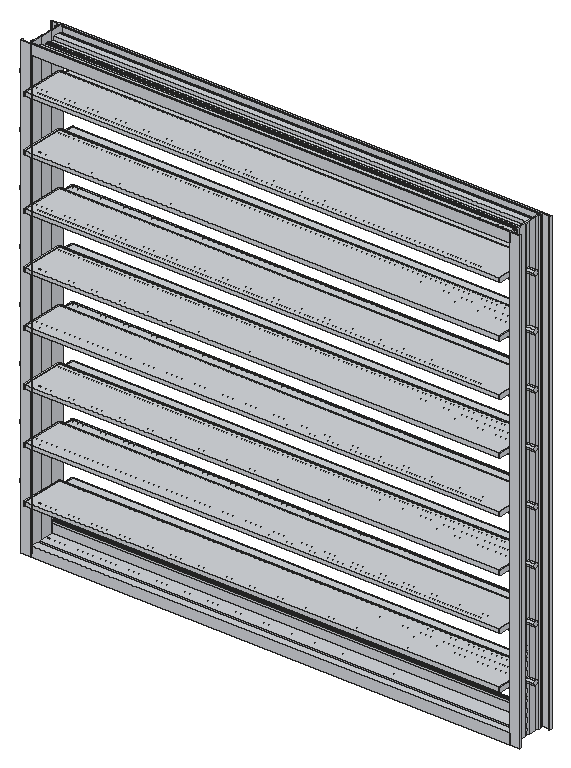
Revit family "SW-155,156", category Mechanical Equipment, Revit 2015
Parameters
  URL = "http://unitedenertech.com/catalog/pdf/A_12f%20SW-155,%20SW-156.pdf"
  Type Comments = "Max. Single Section Size is (60\"w x 72\"h)"
  Model = "SW-155, SW-156"
  Manufacturer = "United Enertech Corporation"
  Keynote = "This model is only a representation of the product, blade position and linkage arrangement will vary from built dampers"
  Exact Width = 4' - 0"
  Exact Height = 3' - 8"
  Description = "Salt Water Resistant Damper"
  Blade Spacing = 0' - 5 1/4"
  Blade Number [instance] = rounddown((Exact Height - 0' 1 1/2") / Blade Spacing)  # 8
  BW [instance] = Exact Width - 0' 0 3/8"  # 3' - 11 5/8"
Reference planes (in)
  plane 1 "Center (Front/Back)": y = 0
  plane 2: z = 0
  plane 3 "Center (Left/Right)": x = 0
  plane 4: x = -24
  plane 5: x = 24
  plane 6: z = 44
  plane 7: x = -25
  plane 8: x = 25
  plane 9: z = -1
  plane 10: z = 45
  plane 11: z = 41.2429
  plane 12: x = -25.29363
  plane 13: z = 3.04512
Forms (in)
  Extrusion 1, solid
    sketch origin (-28.18526, 34.26153, -12.44523) x (0, 1, 0) y (0, 0, 1)
      loop
        line (-34.26153, 11.44523) -> (-34.06153, 11.44523) -> (-34.06153, 11.52523) -> (-34.13653, 11.52523) -> (-34.13653, 12.32023) -> (-33.9228, 12.32023) -> (-33.9228, 11.94523) -> (-33.8418, 11.94523) -> (-33.8418, 12.36223) -> (-33.69726, 12.36223) -> (-33.69726, 11.94523) -> (-33.04153, 11.94523) -> (-33.04153, 12.28023) -> (-32.3983, 12.28023) -> (-32.40744, 12.16843) -> (-32.38158, 12.10666) -> (-32.31062, 12.14763)
        arc (-32.31062, 12.14763) -> (-32.25846, 12.26016) -> (-32.21681, 12.14333) r 0.067
        line (-32.21681, 12.14333) -> (-32.14148, 12.10666) -> (-32.11353, 12.19323) -> (-32.12949, 12.28023) -> (-31.48153, 12.28023) -> (-31.48153, 11.94523) -> (-30.8258, 11.94523) -> (-30.8258, 12.36223) -> (-30.68126, 12.36223) -> (-30.68126, 11.94523) -> (-30.60026, 11.94523) -> (-30.60026, 12.3202) -> (-30.38653, 12.3202) -> (-30.38653, 11.52523) -> (-30.46153, 11.52523) -> (-30.46153, 11.44523) -> (-30.26153, 11.44523) -> (-30.26153, 12.44523) -> (-31.04653, 12.44523) -> (-31.04653, 12.25423) -> (-30.97653, 12.25423) -> (-30.97653, 12.32423) -> (-30.90653, 12.32423) -> (-30.90653, 12.02023) -> (-30.97653, 12.02023) -> (-30.97653, 12.09023) -> (-31.04653, 12.09023) -> (-31.04653, 12.02523) -> (-31.26153, 12.02523) -> (-31.26153, 12.09023) -> (-31.33153, 12.09023) -> (-31.33153, 12.02023) -> (-31.40153, 12.02023) -> (-31.40153, 12.32423) -> (-31.33153, 12.32423) -> (-31.33153, 12.25423) -> (-31.26153, 12.25423) -> (-31.26153, 12.40523) -> (-31.46353, 12.40523) -> (-31.46353, 13.65523) -> (-31.62653, 13.65523) -> (-31.62653, 13.55023) -> (-31.57653, 13.55023) -> (-31.57653, 13.60523) -> (-31.52653, 13.60523) -> (-31.52653, 13.39523) -> (-31.57653, 13.39523) -> (-31.57653, 13.45023) -> (-31.62653, 13.45023) -> (-31.62653, 13.34523) -> (-31.55753, 13.34523) -> (-31.55753, 12.40523) -> (-33.26153, 12.40523) -> (-33.26153, 12.25423) -> (-33.19153, 12.25423) -> (-33.19153, 12.32423) -> (-33.12153, 12.32423) -> (-33.12153, 12.02023) -> (-33.19153, 12.02023) -> (-33.19153, 12.09023) -> (-33.26153, 12.09023) -> (-33.26153, 12.02523) -> (-33.47653, 12.02523) -> (-33.47653, 12.09023) -> (-33.54653, 12.09023) -> (-33.54653, 12.02023) -> (-33.61653, 12.02023) -> (-33.61653, 12.32423) -> (-33.54653, 12.32423) -> (-33.54653, 12.25423) -> (-33.47653, 12.25423) -> (-33.47653, 12.44523) -> (-34.26153, 12.44523) -> (-34.26153, 11.44523)
    from 4.18526 to 52.18526
  Extrusion 2, solid
    sketch origin (-43.90835, 39.90835, 36.13069) x (0, 1, 0) y (0, 0, 1)
      loop
        line (-39.70835, 8.86931) -> (-39.90835, 8.86931) -> (-39.90835, 7.86931) -> (-39.12335, 7.86931) -> (-39.12335, 8.06031) -> (-39.19335, 8.06031) -> (-39.19335, 7.99031) -> (-39.26335, 7.99031) -> (-39.26335, 8.29431) -> (-39.19335, 8.29431) -> (-39.19335, 8.22431) -> (-39.12335, 8.22431) -> (-39.12335, 8.28931) -> (-38.90835, 8.28931) -> (-38.90835, 8.22431) -> (-38.83835, 8.22431) -> (-38.83835, 8.29431) -> (-38.76835, 8.29431) -> (-38.76835, 7.99031) -> (-38.83835, 7.99031) -> (-38.83835, 8.06031) -> (-38.90835, 8.06031) -> (-38.90835, 7.90931) -> (-38.21635, 7.90931) -> (-38.21635, 6.65931) -> (-38.05335, 6.65931) -> (-38.05335, 6.76431) -> (-38.10335, 6.76431) -> (-38.10335, 6.70931) -> (-38.15335, 6.70931) -> (-38.15335, 6.91931) -> (-38.10335, 6.91931) -> (-38.10335, 6.86431) -> (-38.05335, 6.86431) -> (-38.05335, 6.96931) -> (-38.12235, 6.96931) -> (-38.12235, 7.90931) -> (-36.90835, 7.90931) -> (-36.90835, 8.06031) -> (-36.97835, 8.06031) -> (-36.97835, 7.99031) -> (-37.04835, 7.99031) -> (-37.04835, 8.29431) -> (-36.97835, 8.29431) -> (-36.97835, 8.22431) -> (-36.90835, 8.22431) -> (-36.90835, 8.28931) -> (-36.69335, 8.28931) -> (-36.69335, 8.22431) -> (-36.62335, 8.22431) -> (-36.62335, 8.29431) -> (-36.55335, 8.29431) -> (-36.55335, 7.99031) -> (-36.62335, 7.99031) -> (-36.62335, 8.06031) -> (-36.69335, 8.06031) -> (-36.69335, 7.86931) -> (-35.90835, 7.86931) -> (-35.90835, 8.86931) -> (-36.10835, 8.86931) -> (-36.10835, 8.78931) -> (-36.03335, 8.78931) -> (-36.03335, 7.99431) -> (-36.24708, 7.99431) -> (-36.24708, 8.36931) -> (-36.32808, 8.36931) -> (-36.32808, 7.95231) -> (-36.47262, 7.95231) -> (-36.47262, 8.36931) -> (-37.12835, 8.36931) -> (-37.12835, 8.03431) -> (-37.77158, 8.03431) -> (-37.76244, 8.1461) -> (-37.7883, 8.20787) -> (-37.85926, 8.1669)
        arc (-37.85926, 8.1669) -> (-37.91142, 8.05438) -> (-37.95307, 8.1712) r 0.067
        line (-37.95307, 8.1712) -> (-38.0284, 8.20787) -> (-38.05635, 8.12131) -> (-38.04039, 8.03431) -> (-38.68835, 8.03431) -> (-38.68835, 8.36931) -> (-39.34408, 8.36931) -> (-39.34408, 7.95231) -> (-39.48862, 7.95231) -> (-39.48862, 8.36931) -> (-39.56962, 8.36931) -> (-39.56962, 7.99433) -> (-39.78335, 7.99433) -> (-39.78335, 8.78931) -> (-39.70835, 8.78931) -> (-39.70835, 8.86931)
    from 19.90835 to 67.90835
  Extrusion 3, solid
    sketch origin (9.06925, -1.4123, 0) x (1, 0, 0) y (0, 1, 0)
      loop
        line (-34.36287, 2.39683) -> (-34.36287, 2.56006)
        arc (-34.36287, 2.56006) -> (-34.58255, 2.47844) -> (-34.36287, 2.39683) r 0.125
    from 3.04512 to 44
  Extrusion 4, solid
    sketch origin (23.09843, -4.96649, 0) x (1, 0, 0) y (0, 1, 0)
      loop
        line (-48.09843, 5.16649) -> (-48.09843, 4.96649) -> (-47.09843, 4.96649) -> (-47.09843, 6.31302) -> (-47.17943, 6.216) -> (-47.17943, 6.48561) -> (-47.09843, 6.38897) -> (-47.09843, 7.54391) -> (-47.17943, 7.44706) -> (-47.17943, 7.71649) -> (-47.09843, 7.61959) -> (-47.09843, 8.96649) -> (-48.09843, 8.96649) -> (-48.09843, 8.76649) -> (-48.01843, 8.76649) -> (-48.01843, 8.84149) -> (-47.22343, 8.84149) -> (-47.22343, 8.61767) -> (-47.30413, 8.60542) -> (-47.36475, 8.55475) -> (-47.30114, 8.50556)
        arc (-47.30114, 8.50556) -> (-47.18709, 8.47984) -> (-47.29493, 8.4347) r 0.06136
        line (-47.29493, 8.4347) -> (-47.36416, 8.38794) -> (-47.30413, 8.34357) -> (-47.22343, 8.3343) -> (-47.22343, 7.87827) -> (-47.25343, 7.86095) -> (-47.25343, 7.29364) -> (-47.22343, 7.2856) -> (-47.22343, 6.96649) -> (-47.22343, 6.64739) -> (-47.25343, 6.63935) -> (-47.25343, 6.06275) -> (-47.22343, 6.05471) -> (-47.22343, 5.59868) -> (-47.30413, 5.58942) -> (-47.36416, 5.54504) -> (-47.29493, 5.49828)
        arc (-47.29493, 5.49828) -> (-47.18706, 5.45351) -> (-47.30075, 5.42678) r 0.06136
        line (-47.30075, 5.42678) -> (-47.36133, 5.36983) -> (-47.30413, 5.32757) -> (-47.22343, 5.3183) -> (-47.22343, 5.09149) -> (-48.01843, 5.09149) -> (-48.01843, 5.16649) -> (-48.09843, 5.16649)
    from -1 to 45
  Extrusion 5, solid
    sketch origin (-23.09843, -4.96649, 0) x (-1, 0, 0) y (0, -1, 0)
      loop
        line (-48.09843, -5.16649) -> (-48.01843, -5.16649) -> (-48.01843, -5.09149) -> (-47.22343, -5.09149) -> (-47.22343, -5.3183) -> (-47.30413, -5.32757) -> (-47.36133, -5.36983) -> (-47.30075, -5.42678)
        arc (-47.30075, -5.42678) -> (-47.18706, -5.45351) -> (-47.29493, -5.49828) r 0.06136
        line (-47.29493, -5.49828) -> (-47.36416, -5.54504) -> (-47.30413, -5.58942) -> (-47.22343, -5.59868) -> (-47.22343, -6.05471) -> (-47.25343, -6.06275) -> (-47.25343, -6.63935) -> (-47.22343, -6.64739) -> (-47.22343, -6.96649) -> (-47.22343, -7.2856) -> (-47.25343, -7.29364) -> (-47.25343, -7.86095) -> (-47.22343, -7.87827) -> (-47.22343, -8.3343) -> (-47.30413, -8.34357) -> (-47.36416, -8.38794) -> (-47.29493, -8.4347)
        arc (-47.29493, -8.4347) -> (-47.18709, -8.47984) -> (-47.30114, -8.50556) r 0.06136
        line (-47.30114, -8.50556) -> (-47.36475, -8.55475) -> (-47.30413, -8.60542) -> (-47.22343, -8.61767) -> (-47.22343, -8.84149) -> (-48.01843, -8.84149) -> (-48.01843, -8.76649) -> (-48.09843, -8.76649) -> (-48.09843, -8.96649) -> (-47.09843, -8.96649) -> (-47.09843, -7.61959) -> (-47.17943, -7.71649) -> (-47.17943, -7.44706) -> (-47.09843, -7.54391) -> (-47.09843, -6.38897) -> (-47.17943, -6.48561) -> (-47.17943, -6.216) -> (-47.09843, -6.31302) -> (-47.09843, -4.96649) -> (-48.09843, -4.96649) -> (-48.09843, -5.16649)
    from -1 to 45
Dimensions and locks (in)
  equal spacing: plane 4, plane 3 "Center (Left/Right)", plane 5
  "Exact Width": plane 4 to plane 5
  "Exact Height": plane 6 to level
  locked: plane 7 to plane 4 at 1
  locked: plane 5 to plane 8 at 1
  locked: level to plane 9 at 1
  locked: plane 10 to plane 6 at 1
  locked: plane 6 to plane 11 at 2.7571
  locked: plane 12 to plane 4 at 1.29363
  locked: plane 13 to level at 3.04512
  equal spacing: group 1, group 2, group 3, group 4, group 5, group 6, group 7, group 8  (x2)
  equal spacing: group 8, group 7, group 6, group 5, group 4, group 3, group 2, group 1
  "Blade Spacing": nested 1 to nested 2
  aligned and locked: level to plane 2
  aligned and locked: level to Extrusion 1
  aligned and locked: plane 5 to Extrusion 1
  aligned and locked: plane 4 to Extrusion 1
  aligned and locked: Extrusion 2 to plane 6
  aligned and locked: plane 5 to Extrusion 2
  aligned and locked: plane 4 to Extrusion 2
  aligned and locked: plane 12 to Extrusion 3
  aligned and locked: plane 6 to Extrusion 3
  aligned and locked: Extrusion 3 to plane 13
  aligned and locked: Extrusion 5 to plane 9
  aligned and locked: Extrusion 4 to plane 9
  aligned and locked: plane 10 to Extrusion 4
  aligned and locked: plane 10 to Extrusion 5
  aligned and locked: plane 3 "Center (Left/Right)" to nested 1
  aligned and locked: plane 11 to nested 1
Automatic sketch dimensions
  Extrusion 1 sketch curve to level = 0' - 0"  (x2)
  Extrusion 1 sketch curve to plane 1 "Center (Front/Back)" = 0' - 0"
  Extrusion 1 sketch curve to plane 9 = 0' - 0"  (x2)
  Extrusion 1 sketch curve to plane 1 "Center (Front/Back)" = 0' - 0 1/8"
  Extrusion 1 sketch curve to Extrusion 1 sketch curve = 0' - 0.075"  (x6)
  Extrusion 1 sketch curve to plane 1 "Center (Front/Back)" = 0' - 0.33873"
  Extrusion 1 sketch curve to Extrusion 1 sketch curve = 0' - 0.081"  (x2)
  Extrusion 1 sketch curve to Extrusion 1 sketch curve = 0' - 0 37/256"  (x2)
  Extrusion 1 sketch curve to Extrusion 1 sketch curve = 0' - 0.08073"  (x2)
  Extrusion 1 sketch curve to Extrusion 1 sketch curve = 0' - 0.07"  (x21)
  Extrusion 1 sketch curve to Extrusion 1 sketch curve = 0' - 0.215"  (x3)
  Extrusion 1 sketch curve to Extrusion 1 sketch curve = 0' - 0"  (x3)
  Extrusion 1 sketch curve to Extrusion 1 sketch curve = 0' - 0.08"  (x2)
  Extrusion 1 sketch curve to level = 0' - 0.27679"
  Extrusion 1 sketch curve to Extrusion 1 sketch curve = 0' - 0.63409"
  Extrusion 1 sketch curve to level = 0' - 0.165"  (x2)
  Extrusion 1 sketch curve to Extrusion 1 sketch curve = 0' - 0.00914"
  Extrusion 1 sketch curve to level = 0' - 0.33856"  (x2)
  Extrusion 1 sketch curve to Extrusion 1 sketch curve = 0' - 0.02586"
  Extrusion 1 sketch curve to level = 0' - 0.2976"
  Extrusion 1 sketch curve to Extrusion 1 sketch curve = 0' - 0.07095"
  Extrusion 1 sketch curve to Extrusion 1 sketch curve = 0' - 0.04909"
  Extrusion 1 sketch curve to level = 0' - 0.30189"
  Extrusion 1 sketch curve to Extrusion 1 sketch curve = 0' - 0.04472"
  Extrusion 1 sketch curve to Extrusion 1 sketch curve = 0' - 0.07533"
  Extrusion 1 sketch curve to Extrusion 1 sketch curve = 0' - 0.13204"
  Extrusion 1 sketch curve to level = 0' - 0.252"
  Extrusion 1 sketch curve to Extrusion 1 sketch curve = 0' - 0.01596"
  Extrusion 1 sketch curve to Extrusion 1 sketch curve = 0' - 0.50296"
  Extrusion 1 sketch curve to Extrusion 1 sketch curve = 0' - 0.05"  (x5)
  Extrusion 1 sketch curve to level = 0' - 0.04"  (x2)
  Extrusion 1 sketch curve to Extrusion 1 sketch curve = 0' - 0.57196"
  Extrusion 1 sketch curve to Extrusion 1 sketch curve = 0' - 0.076"
  Extrusion 1 sketch curve to Extrusion 1 sketch curve = 0' - 0.094"
  Extrusion 1 sketch curve to Extrusion 1 sketch curve = 0' - 0.13873"
  Extrusion 1 sketch curve to Extrusion 1 sketch curve = 0' - 0 1/8"
  plane 9 to Extrusion 1 sketch curve = 0' - 0.08"  (x2)
  Extrusion 1 sketch curve to Extrusion 1 sketch curve = 0' - 0.42"  (x2)
  Extrusion 1 sketch curve to Extrusion 1 sketch curve = 0' - 0.335"
  Extrusion 1 sketch curve to Extrusion 1 sketch curve = 0' - 0.005"  (x2)
  Extrusion 1 sketch curve to Extrusion 1 sketch curve = 0' - 0.164"  (x2)
  Extrusion 1 sketch curve to Extrusion 1 sketch curve = 0' - 0.026"
  Extrusion 1 sketch curve to Extrusion 1 sketch curve = 0' - 0.151"
  Extrusion 1 sketch curve to level = 0' - 0.12503"
  Extrusion 1 sketch curve to level = 0' - 0 1/8"
  Extrusion 1 sketch curve to Extrusion 1 sketch curve = 0' - 0.044"
  Extrusion 1 sketch curve to level = 0' - 0.083"  (x2)
  level to Extrusion 1 sketch curve = 0' - 0.9"
  Extrusion 1 sketch curve to Extrusion 1 sketch curve = 0' - 0.055"  (x2)
  Extrusion 1 sketch curve to Extrusion 1 sketch curve = 0' - 0.1"
  Extrusion 2 sketch curve to plane 1 "Center (Front/Back)" = 0' - 0"
  Extrusion 2 sketch curve to plane 10 = 0' - 0"  (x2)
  Extrusion 2 sketch curve to plane 6 = 0' - 0"  (x2)
  Extrusion 2 sketch curve to plane 1 "Center (Front/Back)" = 0' - 0 1/8"
  Extrusion 2 sketch curve to Extrusion 2 sketch curve = 0' - 0.075"  (x5)
  Extrusion 2 sketch curve to Extrusion 2 sketch curve = 0' - 0.21373"
  Extrusion 2 sketch curve to Extrusion 2 sketch curve = 0' - 0.081"  (x3)
  Extrusion 2 sketch curve to Extrusion 2 sketch curve = 0' - 0 37/256"  (x2)
  Extrusion 2 sketch curve to Extrusion 2 sketch curve = 0' - 0.08073"  (x2)
  Extrusion 2 sketch curve to Extrusion 2 sketch curve = 0' - 0.07"  (x22)
  Extrusion 2 sketch curve to Extrusion 2 sketch curve = 0' - 0.215"  (x4)
  plane 6 to Extrusion 2 sketch curve = 0' - 0.04"  (x2)
  Extrusion 2 sketch curve to Extrusion 2 sketch curve = 0' - 0.08"  (x2)
  Extrusion 2 sketch curve to Extrusion 2 sketch curve = 0' - 0.472"
  Extrusion 2 sketch curve to Extrusion 2 sketch curve = 0' - 0.063"
  Extrusion 2 sketch curve to Extrusion 2 sketch curve = 0' - 0.031"
  Extrusion 2 sketch curve to Extrusion 2 sketch curve = 0' - 0.05"  (x5)
  plane 6 to Extrusion 2 sketch curve = 0' - 0.252"
  Extrusion 2 sketch curve to Extrusion 2 sketch curve = 0' - 0.066"
  Extrusion 2 sketch curve to Extrusion 2 sketch curve = 0' - 0.069"
  plane 6 to Extrusion 2 sketch curve = 0' - 0.165"  (x2)
  Extrusion 2 sketch curve to Extrusion 2 sketch curve = 0' - 0.01596"
  plane 6 to Extrusion 2 sketch curve = 0' - 0.33856"  (x2)
  Extrusion 2 sketch curve to Extrusion 2 sketch curve = 0' - 0.02795"
  plane 6 to Extrusion 2 sketch curve = 0' - 0.30189"
  Extrusion 2 sketch curve to Extrusion 2 sketch curve = 0' - 0.07533"
  Extrusion 2 sketch curve to Extrusion 2 sketch curve = 0' - 0.04472"
  plane 6 to Extrusion 2 sketch curve = 0' - 0.2976"
  Extrusion 2 sketch curve to Extrusion 2 sketch curve = 0' - 0.04909"
  Extrusion 2 sketch curve to Extrusion 2 sketch curve = 0' - 0.07095"
  Extrusion 2 sketch curve to Extrusion 2 sketch curve = 0' - 0.08768"
  plane 6 to Extrusion 2 sketch curve = 0' - 0.27679"
  Extrusion 2 sketch curve to Extrusion 2 sketch curve = 0' - 0.02586"
  Extrusion 2 sketch curve to Extrusion 2 sketch curve = 0' - 0.63409"
  Extrusion 2 sketch curve to plane 10 = 0' - 0.08"  (x2)
  Extrusion 2 sketch curve to Extrusion 2 sketch curve = 0' - 0.13873"
  Extrusion 2 sketch curve to Extrusion 2 sketch curve = 0' - 0 1/8"
  Extrusion 2 sketch curve to plane 6 = 0' - 0.9"
  Extrusion 2 sketch curve to Extrusion 2 sketch curve = 0' - 0.055"  (x2)
  Extrusion 2 sketch curve to Extrusion 2 sketch curve = 0' - 0.1"
  plane 6 to Extrusion 2 sketch curve = 0' - 0.083"  (x2)
  Extrusion 2 sketch curve to Extrusion 2 sketch curve = 0' - 0.044"
  plane 6 to Extrusion 2 sketch curve = 0' - 0.121"
  Extrusion 2 sketch curve to Extrusion 2 sketch curve = 0' - 0.038"
  plane 6 to Extrusion 2 sketch curve = 0' - 0 1/8"
  plane 6 to Extrusion 2 sketch curve = 0' - 0.12503"
  Extrusion 2 sketch curve to Extrusion 2 sketch curve = 0' - 0.164"  (x4)
  Extrusion 2 sketch curve to Extrusion 2 sketch curve = 0' - 0.065"  (x2)
  Extrusion 2 sketch curve to Extrusion 2 sketch curve = 0' - 0"
  Extrusion 3 sketch curve to plane 12 = 0' - 0"
  Extrusion 3 sketch curve to plane 12 = 0' - 0.09468"
  Extrusion 3 sketch curve to plane 1 "Center (Front/Back)" = 0' - 0.98453"
  Extrusion 3 sketch curve to Extrusion 3 sketch curve = 0' - 0.08161"
  Extrusion 4 sketch curve to plane 7 = 0' - 0"  (x2)
  Extrusion 4 sketch curve to plane 4 = 0' - 0"  (x3)
  plane 1 "Center (Front/Back)" to Extrusion 4 sketch curve = 0' - 0"
  plane 7 to Extrusion 4 sketch curve = 0' - 0.08"
  Extrusion 4 sketch curve to Extrusion 4 sketch curve = 0' - 0.08"
  plane 4 to Extrusion 4 sketch curve = 0' - 0.26632"
  plane 4 to Extrusion 4 sketch curve = 0' - 0.26573"
  Extrusion 4 sketch curve to Extrusion 4 sketch curve = 0' - 0.00059"
  Extrusion 4 sketch curve to Extrusion 4 sketch curve = 0' - 0.00283"
  Extrusion 4 sketch curve to Extrusion 4 sketch curve = 0' - 0.06062"
  Extrusion 4 sketch curve to Extrusion 4 sketch curve = 0' - 0.06003"  (x2)
  Extrusion 4 sketch curve to Extrusion 4 sketch curve = 0' - 0.0572"
  Extrusion 4 sketch curve to Extrusion 4 sketch curve = 0' - 0.06361"
  Extrusion 4 sketch curve to Extrusion 4 sketch curve = 0' - 0.06058"
  Extrusion 4 sketch curve to Extrusion 4 sketch curve = 0' - 0.0062"
  Extrusion 4 sketch curve to Extrusion 4 sketch curve = 0' - 0.00582"
  plane 4 to Extrusion 4 sketch curve = 0' - 0.155"  (x2)
  Extrusion 4 sketch curve to Extrusion 4 sketch curve = 0' - 0.04671"  (x2)
  Extrusion 4 sketch curve to Extrusion 4 sketch curve = 0' - 0.03"  (x3)
  Extrusion 4 sketch curve to Extrusion 4 sketch curve = 0' - 0.0807"  (x2)
  plane 4 to Extrusion 4 sketch curve = 0' - 0.081"  (x2)
  Extrusion 4 sketch curve to plane 1 "Center (Front/Back)" = 0' - 0 1/8"
  Extrusion 4 sketch curve to Extrusion 4 sketch curve = 0' - 0.075"
  Extrusion 4 sketch curve to Extrusion 4 sketch curve = 0' - 0.22681"
  Extrusion 4 sketch curve to Extrusion 4 sketch curve = 0' - 0.00926"  (x3)
  Extrusion 4 sketch curve to Extrusion 4 sketch curve = 0' - 0.04227"
  Extrusion 4 sketch curve to Extrusion 4 sketch curve = 0' - 0.05695"
  Extrusion 4 sketch curve to Extrusion 4 sketch curve = 0' - 0.03171"
  Extrusion 4 sketch curve to Extrusion 4 sketch curve = 0' - 0.04676"  (x2)
  Extrusion 4 sketch curve to Extrusion 4 sketch curve = 0' - 0.04438"  (x2)
  Extrusion 4 sketch curve to Extrusion 4 sketch curve = 0' - 0.45603"  (x2)
  Extrusion 4 sketch curve to Extrusion 4 sketch curve = 0' - 0.00804"  (x3)
  Extrusion 4 sketch curve to Extrusion 4 sketch curve = 0' - 0.16129"
  Extrusion 4 sketch curve to Extrusion 4 sketch curve = 0' - 0.09702"
  Extrusion 4 sketch curve to Extrusion 4 sketch curve = 0' - 0.07594"
  Extrusion 4 sketch curve to Extrusion 4 sketch curve = 0' - 0.09664"
  Extrusion 4 sketch curve to Extrusion 4 sketch curve = 0' - 0.15374"
  Extrusion 4 sketch curve to Extrusion 4 sketch curve = 0' - 0.31911"  (x2)
  Extrusion 4 sketch curve to Extrusion 4 sketch curve = 0' - 0.16146"
  Extrusion 4 sketch curve to Extrusion 4 sketch curve = 0' - 0.09685"
  Extrusion 4 sketch curve to Extrusion 4 sketch curve = 0' - 0.07568"
  Extrusion 4 sketch curve to Extrusion 4 sketch curve = 0' - 0.0969"
  Extrusion 4 sketch curve to Extrusion 4 sketch curve = 0' - 0.14446"
  Extrusion 4 sketch curve to Extrusion 4 sketch curve = 0' - 0.01732"
  Extrusion 4 sketch curve to Extrusion 4 sketch curve = 0' - 0.03979"
  Extrusion 4 sketch curve to Extrusion 4 sketch curve = 0' - 0.04919"
  Extrusion 4 sketch curve to Extrusion 4 sketch curve = 0' - 0.05067"
  Extrusion 4 sketch curve to Extrusion 4 sketch curve = 0' - 0.01225"
  Extrusion 4 sketch curve to Extrusion 4 sketch curve = 0' - 0.21174"
  Extrusion 4 sketch curve to Extrusion 4 sketch curve = 0' - 0.22382"
  Extrusion 4 sketch curve to Extrusion 4 sketch curve = 0' - 0 1/8"
  Extrusion 5 sketch curve to plane 8 = 0' - 0"  (x2)
  Extrusion 5 sketch curve to plane 5 = 0' - 0"  (x3)
  plane 1 "Center (Front/Back)" to Extrusion 5 sketch curve = 0' - 0"
  plane 8 to Extrusion 5 sketch curve = 0' - 0.08"
  Extrusion 5 sketch curve to Extrusion 5 sketch curve = 0' - 0.08"
  Extrusion 5 sketch curve to plane 5 = 0' - 0.26632"
  Extrusion 5 sketch curve to plane 5 = 0' - 0.26573"
  Extrusion 5 sketch curve to Extrusion 5 sketch curve = 0' - 0.00059"
  Extrusion 5 sketch curve to Extrusion 5 sketch curve = 0' - 0.00283"
  Extrusion 5 sketch curve to Extrusion 5 sketch curve = 0' - 0.06062"
  Extrusion 5 sketch curve to Extrusion 5 sketch curve = 0' - 0.06003"  (x2)
  Extrusion 5 sketch curve to Extrusion 5 sketch curve = 0' - 0.0572"
  Extrusion 5 sketch curve to Extrusion 5 sketch curve = 0' - 0.06361"
  Extrusion 5 sketch curve to Extrusion 5 sketch curve = 0' - 0.06058"
  Extrusion 5 sketch curve to Extrusion 5 sketch curve = 0' - 0.0062"
  Extrusion 5 sketch curve to Extrusion 5 sketch curve = 0' - 0.00582"
  Extrusion 5 sketch curve to plane 5 = 0' - 0.155"  (x2)
  Extrusion 5 sketch curve to Extrusion 5 sketch curve = 0' - 0.04671"  (x2)
  Extrusion 5 sketch curve to Extrusion 5 sketch curve = 0' - 0.03"  (x3)
  Extrusion 5 sketch curve to Extrusion 5 sketch curve = 0' - 0.0807"  (x2)
  Extrusion 5 sketch curve to plane 5 = 0' - 0.081"  (x2)
  plane 1 "Center (Front/Back)" to Extrusion 5 sketch curve = 0' - 0 1/8"
  Extrusion 5 sketch curve to Extrusion 5 sketch curve = 0' - 0.075"
  Extrusion 5 sketch curve to Extrusion 5 sketch curve = 0' - 0.22681"
  Extrusion 5 sketch curve to Extrusion 5 sketch curve = 0' - 0.00926"  (x3)
  Extrusion 5 sketch curve to Extrusion 5 sketch curve = 0' - 0.04227"
  Extrusion 5 sketch curve to Extrusion 5 sketch curve = 0' - 0.05695"
  Extrusion 5 sketch curve to Extrusion 5 sketch curve = 0' - 0.03171"
  Extrusion 5 sketch curve to Extrusion 5 sketch curve = 0' - 0.04676"  (x2)
  Extrusion 5 sketch curve to Extrusion 5 sketch curve = 0' - 0.04438"  (x2)
  Extrusion 5 sketch curve to Extrusion 5 sketch curve = 0' - 0.45603"  (x2)
  Extrusion 5 sketch curve to Extrusion 5 sketch curve = 0' - 0.00804"  (x3)
  Extrusion 5 sketch curve to Extrusion 5 sketch curve = 0' - 0.16129"
  Extrusion 5 sketch curve to Extrusion 5 sketch curve = 0' - 0.09702"
  Extrusion 5 sketch curve to Extrusion 5 sketch curve = 0' - 0.07594"
  Extrusion 5 sketch curve to Extrusion 5 sketch curve = 0' - 0.09664"
  Extrusion 5 sketch curve to Extrusion 5 sketch curve = 0' - 0.15374"
  Extrusion 5 sketch curve to Extrusion 5 sketch curve = 0' - 0.31911"  (x2)
  Extrusion 5 sketch curve to Extrusion 5 sketch curve = 0' - 0.16146"
  Extrusion 5 sketch curve to Extrusion 5 sketch curve = 0' - 0.09685"
  Extrusion 5 sketch curve to Extrusion 5 sketch curve = 0' - 0.07568"
  Extrusion 5 sketch curve to Extrusion 5 sketch curve = 0' - 0.0969"
  Extrusion 5 sketch curve to Extrusion 5 sketch curve = 0' - 0.14446"
  Extrusion 5 sketch curve to Extrusion 5 sketch curve = 0' - 0.01732"
  Extrusion 5 sketch curve to Extrusion 5 sketch curve = 0' - 0.03979"
  Extrusion 5 sketch curve to Extrusion 5 sketch curve = 0' - 0.04919"
  Extrusion 5 sketch curve to Extrusion 5 sketch curve = 0' - 0.05067"
  Extrusion 5 sketch curve to Extrusion 5 sketch curve = 0' - 0.01225"
  Extrusion 5 sketch curve to Extrusion 5 sketch curve = 0' - 0.21174"
  Extrusion 5 sketch curve to Extrusion 5 sketch curve = 0' - 0.22382"
  Extrusion 5 sketch curve to Extrusion 5 sketch curve = 0' - 0 1/8"
Nested families (in)
  nested 1: "SWBlade" at (0, 0.27071, 37.67319), type "SWBlade"
    with Blade Width 3' - 11 5/8"
  nested 2: "SWBlade" at (0, 0.27071, 32.42319), type "SWBlade"
    with Blade Width 3' - 11 5/8"
  nested 3: "SWBlade" at (0, 0.27071, 27.17319), type "SWBlade"
    with Blade Width 3' - 11 5/8"
  nested 4: "SWBlade" at (0, 0.27071, 21.92319), type "SWBlade"
    with Blade Width 3' - 11 5/8"
  nested 5: "SWBlade" at (0, 0.27071, 16.67319), type "SWBlade"
    with Blade Width 3' - 11 5/8"
  nested 6: "SWBlade" at (0, 0.27071, 11.42319), type "SWBlade"
    with Blade Width 3' - 11 5/8"
  nested 7: "SWBlade" at (0, 0.27071, 6.17319), type "SWBlade"
    with Blade Width 3' - 11 5/8"
  nested 8: "SWBlade" at (0, 0.27071, 0.92319), type "SWBlade"
    with Blade Width 3' - 11 5/8"
Definition of nested family "SWBlade"
  Parameters (values of type "SWBlade")
    Blade Width = 2' - 6"
  Reference planes (in)
    plane 1 "Center (Front/Back)": y = 0
    plane 2: z = 0
    plane 3 "Center (Left/Right)": x = 0
    plane 4: x = -15
    plane 5: x = 15
    plane 6: x = -16.84
    plane 7: x = 16.1875
    plane 8: x = -16.48475
    plane 9: x = -16.34
    plane 10: x = -16.03
    plane 11: x = -15.94912
    plane 12: x = -14.91
    plane 13: x = 14.91
  Forms (in)
    Extrusion 1, solid
      sketch origin (-5.36856, -45.8907, -7.07917) x (0, -1, 0) y (0, 0, -1)
        loop
          line (-47.74365, -9.96799) -> (-47.87038, -10.18749) -> (-47.74365, -10.40699) -> (-47.49019, -10.40699) -> (-47.36347, -10.18749) -> (-47.49019, -9.96799) -> (-47.74365, -9.96799)
      from -11.11619 to 21.55606
    Extrusion 2, solid
      sketch origin (-5.36856, 49.89331, -5.77538) x (0, 1, 0) y (0, 0, 1)
        loop
          line (-51.09747, 8.98658) -> (-51.15205, 9.00121) -> (-51.13911, 9.0495) -> (-50.93627, 8.99515) -> (-50.94921, 8.94686) -> (-51.01311, 8.96398) -> (-51.02605, 8.91568) -> (-50.9734, 8.90157) -> (-49.83649, 8.90157) -> (-49.70689, 8.63481)
          arc (-49.70689, 8.63481) -> (-49.56855, 8.48082) -> (-49.36959, 8.42368) r 0.375
          line (-49.36959, 8.42368) -> (-48.84261, 8.42368) -> (-48.84261, 8.58614) -> (-47.49156, 8.58614) -> (-47.49156, 8.42368) -> (-45.12101, 8.42368) -> (-45.12101, 8.80148) -> (-45.22231, 8.82863) -> (-45.23525, 8.78033) -> (-45.18224, 8.76613) -> (-45.19518, 8.71783) -> (-45.39803, 8.77218) -> (-45.38522, 8.81997) -> (-45.32434, 8.80366) -> (-45.31126, 8.85246) -> (-45.3609, 8.86576) -> (-46.48775, 8.86576) -> (-46.61896, 9.13458)
          arc (-46.61896, 9.13458) -> (-46.75729, 9.28814) -> (-46.95596, 9.3451) r 0.375
          line (-46.95596, 9.3451) -> (-51.20526, 9.3451) -> (-51.20526, 8.9637) -> (-51.11041, 8.93829) -> (-51.09747, 8.98658)
        loop
          line (-51.00612, 9.07702) -> (-50.85489, 9.07702) -> (-50.85489, 9.14702) -> (-50.67489, 9.14702) -> (-50.67489, 9.08602) -> (-50.79389, 9.08602) -> (-50.79389, 8.96257) -> (-49.79793, 8.96257) -> (-49.65202, 8.66147)
          arc (-49.65202, 8.66147) -> (-49.53619, 8.53252) -> (-49.36959, 8.48468) r 0.314
          line (-49.36959, 8.48468) -> (-48.90361, 8.48468) -> (-48.90361, 8.64714) -> (-48.37749, 8.64714) -> (-48.51407, 8.88371) -> (-48.34058, 9.18421) -> (-48.20714, 9.18421) -> (-48.20714, 9.2841) -> (-48.97507, 9.2841) -> (-48.97507, 8.99545) -> (-49.17507, 8.99545) -> (-49.17507, 9.05645) -> (-49.03607, 9.05645) -> (-49.03607, 9.2841) -> (-50.03407, 9.2841) -> (-50.03407, 9.19203) -> (-49.89507, 9.19203) -> (-49.89507, 9.13103) -> (-50.09507, 9.13103) -> (-50.09507, 9.2841) -> (-51.09535, 9.2841) -> (-51.09535, 9.10093) -> (-51.00612, 9.07702)
        loop
          line (-48.1271, 9.18421) -> (-47.99359, 9.18421) -> (-47.8201, 8.88371) -> (-47.95668, 8.64714) -> (-47.29456, 8.64714) -> (-47.29456, 8.58614) -> (-47.43056, 8.58614) -> (-47.43056, 8.48468) -> (-45.23905, 8.48468) -> (-45.23905, 8.66643) -> (-45.33777, 8.69289) -> (-45.4794, 8.69289) -> (-45.4794, 8.62389) -> (-45.6594, 8.62389) -> (-45.6594, 8.68489) -> (-45.5404, 8.68489) -> (-45.5404, 8.80476) -> (-46.52577, 8.80476) -> (-46.67381, 9.10789)
          arc (-46.67381, 9.10789) -> (-46.78963, 9.23643) -> (-46.95596, 9.2841) r 0.314
          line (-46.95596, 9.2841) -> (-47.2981, 9.2841) -> (-47.2981, 9.05645) -> (-47.1591, 9.05645) -> (-47.1591, 8.99545) -> (-47.3591, 8.99545) -> (-47.3591, 9.2841) -> (-48.1271, 9.2841) -> (-48.1271, 9.18421)
        loop
          line (-48.29381, 8.66421) -> (-48.04036, 8.66421) -> (-47.91363, 8.88371) -> (-48.04036, 9.10321) -> (-48.29381, 9.10321) -> (-48.42054, 8.88371) -> (-48.29381, 8.66421)
      from -9.54144 to 20.27856
    Extrusion 3, solid
      sketch origin (-25.34, 35.91659, -5.35129) x (0, 1, 0) y (0, 0, 1)
        loop
          arc (-34.6208, 9.33554) -> (-35.30802, 9.82134) -> (-35.46339, 8.99421) r 0.5
          arc (-35.46339, 8.99421) -> (-35.47382, 8.80541) -> (-35.3603, 8.65418) r 0.27606
          line (-35.3603, 8.65418) -> (-34.6203, 8.22694) -> (-34.6203, 7.88286) -> (-34.3203, 7.88286) -> (-34.3203, 8.24567) -> (-34.44382, 8.45961) -> (-34.31709, 8.67911) -> (-34.06363, 8.67911) -> (-33.9369, 8.45961) -> (-34.0603, 8.2459) -> (-34.0603, 7.88286) -> (-33.7853, 7.88286) -> (-33.7853, 8.69748) -> (-34.49605, 9.10784)
          arc (-34.49605, 9.10784) -> (-34.5903, 9.20422) -> (-34.6208, 9.33554) r 0.25
        loop
          line (-34.6103, 8.49523) -> (-34.41907, 8.82645) -> (-34.75265, 9.01904)
          arc (-34.75265, 9.01904) -> (-35.00137, 8.87227) -> (-35.28976, 8.88751) r 0.5
          line (-35.28976, 8.88751) -> (-34.6103, 8.49523)
        loop
          circle (-35.1203, 9.35792) r 0.3125
      from 9 to 9.31
    Extrusion 4, solid
      sketch origin (-25.84, 35.91659, -5.35129) x (0, 1, 0) y (0, 0, 1)
        loop
          circle (-35.1203, 9.35792) r 0.3125
      from 9 to 9.89088
    Extrusion 5, solid
      sketch origin (0, 17.66315, -1.7544) x (0, -1, 0) y (0, 0, -1)
        loop
          line (18.9751, -4.94272) -> (18.88025, -4.9173) -> (18.8673, -4.9656) -> (18.92189, -4.98022) -> (18.90895, -5.02852) -> (18.7061, -4.97417) -> (18.71904, -4.92587) -> (18.78295, -4.94299) -> (18.79589, -4.8947) -> (18.74323, -4.88059) -> (17.60632, -4.88059) -> (17.47673, -4.61383)
          arc (17.47673, -4.61383) -> (17.33839, -4.45983) -> (17.13943, -4.4027) r 0.375
          line (17.13943, -4.4027) -> (16.61245, -4.4027) -> (16.61245, -4.56516) -> (15.2614, -4.56516) -> (15.2614, -4.4027) -> (12.89084, -4.4027) -> (12.89084, -4.7805) -> (12.99215, -4.80764) -> (13.00509, -4.75935) -> (12.95208, -4.74514) -> (12.96502, -4.69685) -> (13.16787, -4.7512) -> (13.15506, -4.79899) -> (13.09417, -4.78267) -> (13.0811, -4.83148) -> (13.13073, -4.84478) -> (14.25759, -4.84478) -> (14.3888, -5.1136)
          arc (14.3888, -5.1136) -> (14.52712, -5.26716) -> (14.7258, -5.32411) r 0.375
          line (14.7258, -5.32411) -> (18.9751, -5.32411) -> (18.9751, -4.94272)
        loop
          line (16.19038, -4.86272) -> (16.06365, -4.64322) -> (15.81019, -4.64322) -> (15.68347, -4.86272) -> (15.81019, -5.08222) -> (16.06365, -5.08222) -> (16.19038, -4.86272)
      from -14.91 to -15
    Extrusion 6, solid
      sketch origin (0, 17.66315, -1.7544) x (0, -1, 0) y (0, 0, -1)
        loop
          line (18.9751, -4.94272) -> (18.88025, -4.9173) -> (18.8673, -4.9656) -> (18.92189, -4.98022) -> (18.90895, -5.02852) -> (18.7061, -4.97417) -> (18.71904, -4.92587) -> (18.78295, -4.94299) -> (18.79589, -4.8947) -> (18.74323, -4.88059) -> (17.60632, -4.88059) -> (17.47673, -4.61383)
          arc (17.47673, -4.61383) -> (17.33839, -4.45983) -> (17.13943, -4.4027) r 0.375
          line (17.13943, -4.4027) -> (16.61245, -4.4027) -> (16.61245, -4.56516) -> (15.2614, -4.56516) -> (15.2614, -4.4027) -> (12.89084, -4.4027) -> (12.89084, -4.7805) -> (12.99215, -4.80764) -> (13.00509, -4.75935) -> (12.95208, -4.74514) -> (12.96502, -4.69685) -> (13.16787, -4.7512) -> (13.15506, -4.79899) -> (13.09417, -4.78267) -> (13.0811, -4.83148) -> (13.13073, -4.84478) -> (14.25759, -4.84478) -> (14.3888, -5.1136)
          arc (14.3888, -5.1136) -> (14.52712, -5.26716) -> (14.7258, -5.32411) r 0.375
          line (14.7258, -5.32411) -> (18.9751, -5.32411) -> (18.9751, -4.94272)
        loop
          line (16.19038, -4.86272) -> (16.06365, -4.64322) -> (15.81019, -4.64322) -> (15.68347, -4.86272) -> (15.81019, -5.08222) -> (16.06365, -5.08222) -> (16.19038, -4.86272)
      from 15 to 14.91
  Dimensions and locks (in)
    equal spacing: plane 4, plane 3 "Center (Left/Right)", plane 5
    "Blade Width": plane 4 to plane 5
    locked: plane 5 to plane 7 at 1.1875
    locked: plane 6 to plane 4 at 1.84
    locked: plane 6 to plane 8 at 0.35525
    locked: plane 6 to plane 9 at 0.5
    locked: plane 6 to plane 10 at 0.81
    locked: plane 6 to plane 11 at 0.89088
    locked: plane 4 to plane 12 at 0.09
    locked: plane 13 to plane 5 at 0.09
    aligned and locked: level to plane 2
    aligned and locked: Extrusion 1 to plane 7
    aligned and locked: Extrusion 1 to plane 8
    aligned and locked: Extrusion 4 to plane 6
    aligned and locked: Extrusion 3 to plane 9
    aligned and locked: plane 10 to Extrusion 3
    aligned and locked: plane 11 to Extrusion 4
    aligned and locked: plane 12 to Extrusion 5
    aligned and locked: plane 4 to Extrusion 5
    aligned and locked: Extrusion 2 to plane 12
    aligned and locked: plane 13 to Extrusion 2
    aligned and locked: plane 5 to Extrusion 6
    aligned and locked: Extrusion 6 to plane 13
  Automatic sketch dimensions
    Extrusion 1 sketch curve to plane 1 "Center (Front/Back)" = 0' - 1.97968"
    Extrusion 1 sketch curve to Extrusion 1 sketch curve = 0' - 0.12673"  (x3)
    Extrusion 1 sketch curve to Extrusion 1 sketch curve = 0' - 0.25346"  (x2)
    level to Extrusion 1 sketch curve = 0' - 3.32782"
    Extrusion 1 sketch curve to Extrusion 1 sketch curve = 0' - 0.2195"  (x3)
    Extrusion 2 sketch curve to Extrusion 2 sketch curve = 0' - 0"  (x8)
    plane 1 "Center (Front/Back)" to Extrusion 2 sketch curve = 0' - 1.31196"
    Extrusion 2 sketch curve to Extrusion 2 sketch curve = 0' - 0.05321"
    Extrusion 2 sketch curve to Extrusion 2 sketch curve = 0' - 0.01294"  (x5)
    Extrusion 2 sketch curve to Extrusion 2 sketch curve = 0' - 0.04164"
    Extrusion 2 sketch curve to Extrusion 2 sketch curve = 0' - 0.10991"
    Extrusion 2 sketch curve to Extrusion 2 sketch curve = 0' - 0.08436"
    Extrusion 2 sketch curve to Extrusion 2 sketch curve = 0' - 0.08923"
    Extrusion 2 sketch curve to Extrusion 2 sketch curve = 0' - 0.05265"
    Extrusion 2 sketch curve to Extrusion 2 sketch curve = 0' - 0.02419"
    Extrusion 2 sketch curve to Extrusion 2 sketch curve = 0' - 0.08137"  (x2)
    Extrusion 2 sketch curve to Extrusion 2 sketch curve = 0' - 0.061"  (x16)
    Extrusion 2 sketch curve to Extrusion 2 sketch curve = 0' - 0.119"  (x2)
    plane 1 "Center (Front/Back)" to Extrusion 2 sketch curve = 0' - 0.20176"
    plane 1 "Center (Front/Back)" to Extrusion 2 sketch curve = 0' - 0.00176"
    Extrusion 2 sketch curve to plane 1 "Center (Front/Back)" = 0' - 0.05682"
    Extrusion 2 sketch curve to Extrusion 2 sketch curve = 0' - 0.03856"
    Extrusion 2 sketch curve to plane 1 "Center (Front/Back)" = 0' - 0.18642"
    Extrusion 2 sketch curve to Extrusion 2 sketch curve = 0' - 0.05487"
    Extrusion 2 sketch curve to Extrusion 2 sketch curve = 0' - 0.28243"
    Extrusion 2 sketch curve to Extrusion 2 sketch curve = 0' - 0.19452"
    Extrusion 2 sketch curve to Extrusion 2 sketch curve = 0' - 0.139"  (x2)
    Extrusion 2 sketch curve to Extrusion 2 sketch curve = 0' - 0.46598"
    Extrusion 2 sketch curve to Extrusion 2 sketch curve = 0' - 0.32854"  (x2)
    Extrusion 2 sketch curve to Extrusion 2 sketch curve = 0' - 0.09353"  (x2)
    Extrusion 2 sketch curve to Extrusion 2 sketch curve = 0' - 0.04305"  (x2)
    Extrusion 2 sketch curve to Extrusion 2 sketch curve = 0' - 0.07996"
    Extrusion 2 sketch curve to Extrusion 2 sketch curve = 0' - 0.08368"  (x2)
    Extrusion 2 sketch curve to Extrusion 2 sketch curve = 0' - 0.04677"  (x2)
    Extrusion 2 sketch curve to Extrusion 2 sketch curve = 0' - 0.13344"
    Extrusion 2 sketch curve to Extrusion 2 sketch curve = 0' - 0.08003"
    Extrusion 2 sketch curve to Extrusion 2 sketch curve = 0' - 0.08674"
    Extrusion 2 sketch curve to Extrusion 2 sketch curve = 0' - 0.25346"
    Extrusion 2 sketch curve to Extrusion 2 sketch curve = 0' - 0.46099"
    Extrusion 2 sketch curve to Extrusion 2 sketch curve = 0' - 0.136"
    Extrusion 2 sketch curve to Extrusion 2 sketch curve = 0' - 0 13/64"
    Extrusion 2 sketch curve to Extrusion 2 sketch curve = 0' - 0.28215"
    Extrusion 2 sketch curve to Extrusion 2 sketch curve = 0' - 0.05485"
    Extrusion 2 sketch curve to Extrusion 2 sketch curve = 0' - 0.14804"
    Extrusion 2 sketch curve to Extrusion 2 sketch curve = 0' - 0.03802"
    Extrusion 2 sketch curve to Extrusion 2 sketch curve = 0' - 0.82835"
    level to Extrusion 2 sketch curve = 0' - 3.04459"
    Extrusion 2 sketch curve to Extrusion 2 sketch curve = 0' - 0.01281"
    Extrusion 2 sketch curve to Extrusion 2 sketch curve = 0' - 0.02433"
    Extrusion 2 sketch curve to Extrusion 2 sketch curve = 0' - 0.06026"
    Extrusion 2 sketch curve to Extrusion 2 sketch curve = 0' - 0.06089"
    level to Extrusion 2 sketch curve = 0' - 3.07708"
    Extrusion 2 sketch curve to Extrusion 2 sketch curve = 0' - 0.01308"
    Extrusion 2 sketch curve to Extrusion 2 sketch curve = 0' - 0.09872"
    Extrusion 2 sketch curve to Extrusion 2 sketch curve = 0' - 0.08909"
    level to Extrusion 2 sketch curve = 0' - 3.05324"
    level to Extrusion 2 sketch curve = 0' - 2.94245"
    Extrusion 2 sketch curve to Extrusion 2 sketch curve = 0' - 0.06124"
    Extrusion 2 sketch curve to Extrusion 2 sketch curve = 0' - 0.0793"
    Extrusion 2 sketch curve to Extrusion 2 sketch curve = 0' - 0.008"
    Extrusion 2 sketch curve to Extrusion 2 sketch curve = 0' - 0.0514"
    Extrusion 2 sketch curve to Extrusion 2 sketch curve = 0' - 0.20156"
    Extrusion 2 sketch curve to Extrusion 2 sketch curve = 0' - 0.00274"
    Extrusion 2 sketch curve to Extrusion 2 sketch curve = 0' - 0.01706"  (x2)
    Extrusion 2 sketch curve to Extrusion 2 sketch curve = 0' - 0.02666"
    Extrusion 2 sketch curve to Extrusion 2 sketch curve = 0' - 0.069"
    Extrusion 2 sketch curve to Extrusion 2 sketch curve = 0' - 0.18175"
    Extrusion 2 sketch curve to Extrusion 2 sketch curve = 0' - 0.10146"
    Extrusion 2 sketch curve to Extrusion 2 sketch curve = 0' - 0.23656"  (x2)
    Extrusion 2 sketch curve to Extrusion 2 sketch curve = 0' - 0.26676"
    Extrusion 2 sketch curve to Extrusion 2 sketch curve = 0' - 0.01411"
    Extrusion 2 sketch curve to Extrusion 2 sketch curve = 0' - 0.16533"
    Extrusion 2 sketch curve to Extrusion 2 sketch curve = 0' - 0.19677"
    Extrusion 2 sketch curve to Extrusion 2 sketch curve = 0' - 0.34831"
    Extrusion 2 sketch curve to Extrusion 2 sketch curve = 0' - 0.08187"
    Extrusion 2 sketch curve to Extrusion 2 sketch curve = 0' - 0.12345"
    Extrusion 2 sketch curve to Extrusion 2 sketch curve = 0' - 0.05143"
    Extrusion 2 sketch curve to Extrusion 2 sketch curve = 0' - 0.2195"
    Extrusion 2 sketch curve to Extrusion 2 sketch curve = 0' - 0.24213"
    Extrusion 2 sketch curve to Extrusion 2 sketch curve = 0' - 0.16846"
    Extrusion 2 sketch curve to Extrusion 2 sketch curve = 0' - 0.02669"
    Extrusion 2 sketch curve to Extrusion 2 sketch curve = 0' - 0.081"  (x2)
    Extrusion 2 sketch curve to Extrusion 2 sketch curve = 0' - 0.09207"
    Extrusion 2 sketch curve to Extrusion 2 sketch curve = 0' - 0.22764"
    Extrusion 3 sketch curve to Extrusion 3 sketch curve = 0' - 0"  (x7)
    Extrusion 3 sketch curve to plane 1 "Center (Front/Back)" = 0' - 0.55629"
    Extrusion 3 sketch curve to Extrusion 3 sketch curve = 0' - 0.07054"
    Extrusion 3 sketch curve to Extrusion 3 sketch curve = 0' - 0.08012"
    Extrusion 3 sketch curve to Extrusion 3 sketch curve = 0' - 0.08934"
    Extrusion 3 sketch curve to Extrusion 3 sketch curve = 0' - 0.45698"
    Extrusion 3 sketch curve to Extrusion 3 sketch curve = 0' - 0.13236"
    Extrusion 3 sketch curve to Extrusion 3 sketch curve = 0' - 0.01"
    Extrusion 3 sketch curve to Extrusion 3 sketch curve = 0' - 0.2566"
    Extrusion 3 sketch curve to Extrusion 3 sketch curve = 0' - 0.16648"
    Extrusion 3 sketch curve to Extrusion 3 sketch curve = 0' - 0.07698"
    Extrusion 3 sketch curve to Extrusion 3 sketch curve = 0' - 0 1/8"
    Extrusion 3 sketch curve to Extrusion 3 sketch curve = 0' - 0.3"
    Extrusion 3 sketch curve to Extrusion 3 sketch curve = 0' - 0.10198"
    Extrusion 3 sketch curve to Extrusion 3 sketch curve = 0' - 0.25346"
    Extrusion 3 sketch curve to Extrusion 3 sketch curve = 0' - 0.26"
    Extrusion 3 sketch curve to Extrusion 3 sketch curve = 0' - 0.12339"
    Extrusion 3 sketch curve to Extrusion 3 sketch curve = 0' - 0.27834"
    level to Extrusion 3 sketch curve = 0' - 2.53156"
    Extrusion 3 sketch curve to Extrusion 3 sketch curve = 0' - 0.34409"
    Extrusion 3 sketch curve to Extrusion 3 sketch curve = 0' - 0.01872"
    Extrusion 3 sketch curve to Extrusion 3 sketch curve = 0' - 0.00023"
    Extrusion 3 sketch curve to Extrusion 3 sketch curve = 0' - 0.21372"
    Extrusion 3 sketch curve to Extrusion 3 sketch curve = 0' - 0.21395"
    Extrusion 3 sketch curve to Extrusion 3 sketch curve = 0' - 0.03561"
    Extrusion 3 sketch curve to Extrusion 3 sketch curve = 0' - 0.15895"
    Extrusion 3 sketch curve to Extrusion 3 sketch curve = 0' - 0.2195"
    Extrusion 3 sketch curve to Extrusion 3 sketch curve = 0' - 0.01837"
    Extrusion 3 sketch curve to Extrusion 3 sketch curve = 0' - 0.14733"
    Extrusion 3 sketch curve to Extrusion 3 sketch curve = 0' - 0.00201"
    Extrusion 3 sketch curve to Extrusion 3 sketch curve = 0' - 0.08879"
    Extrusion 3 sketch curve to Extrusion 3 sketch curve = 0' - 0.21651"
    Extrusion 3 sketch curve to Extrusion 3 sketch curve = 0' - 0.17363"
    Extrusion 4 sketch curve to Extrusion 4 sketch curve = 0' - 0"  (x2)
    Extrusion 4 sketch curve to plane 1 "Center (Front/Back)" = 0' - 0.79629"
    level to Extrusion 4 sketch curve = 0' - 4.00663"
    Extrusion 4 sketch curve to Extrusion 4 sketch curve = 0' - 0 5/16"
    plane 1 "Center (Front/Back)" to Extrusion 5 sketch curve = 0' - 4.7723"
    Extrusion 5 sketch curve to Extrusion 5 sketch curve = 0' - 0.06124"
    Extrusion 5 sketch curve to level = 0' - 2.94245"
    Extrusion 5 sketch curve to Extrusion 5 sketch curve = 0' - 0.01294"  (x6)
    Extrusion 5 sketch curve to Extrusion 5 sketch curve = 0' - 0.04006"
    Extrusion 5 sketch curve to level = 0' - 3.00495"
    Extrusion 5 sketch curve to Extrusion 5 sketch curve = 0' - 0.08895"
    Extrusion 5 sketch curve to level = 0' - 3.02828"
    Extrusion 5 sketch curve to Extrusion 5 sketch curve = 0' - 0.01308"
    Extrusion 5 sketch curve to level = 0' - 3.09038"
    Extrusion 5 sketch curve to level = 0' - 3.04459"
    Extrusion 5 sketch curve to Extrusion 5 sketch curve = 0' - 1.08972"
    Extrusion 5 sketch curve to Extrusion 5 sketch curve = 0' - 0.13121"
    Extrusion 5 sketch curve to Extrusion 5 sketch curve = 0' - 0.337"
    Extrusion 5 sketch curve to Extrusion 5 sketch curve = 0' - 0.5356"
    Extrusion 5 sketch curve to Extrusion 5 sketch curve = 0' - 0.42207"  (x2)
    Extrusion 5 sketch curve to Extrusion 5 sketch curve = 0' - 0.12673"  (x3)
    Extrusion 5 sketch curve to Extrusion 5 sketch curve = 0' - 0.25346"  (x2)
    plane 1 "Center (Front/Back)" to Extrusion 5 sketch curve = 0' - 0.52372"
    plane 1 "Center (Front/Back)" to Extrusion 5 sketch curve = 0' - 0.18642"
    plane 1 "Center (Front/Back)" to Extrusion 5 sketch curve = 0' - 0.05682"
    Extrusion 5 sketch curve to plane 1 "Center (Front/Back)" = 0' - 1 11/256"
    Extrusion 5 sketch curve to Extrusion 5 sketch curve = 0' - 0.02419"
    Extrusion 5 sketch curve to Extrusion 5 sketch curve = 0' - 0.0639"
    Extrusion 5 sketch curve to Extrusion 5 sketch curve = 0' - 0.08436"
    Extrusion 5 sketch curve to Extrusion 5 sketch curve = 0' - 0.04164"
    Extrusion 5 sketch curve to Extrusion 5 sketch curve = 0' - 0.06615"
    Extrusion 5 sketch curve to Extrusion 5 sketch curve = 0' - 0.20156"
    Extrusion 5 sketch curve to Extrusion 5 sketch curve = 0' - 0.02939"
    Extrusion 5 sketch curve to Extrusion 5 sketch curve = 0' - 0.07806"
    Extrusion 5 sketch curve to Extrusion 5 sketch curve = 0' - 0.29415"
    Extrusion 5 sketch curve to Extrusion 5 sketch curve = 0' - 0.16246"
    Extrusion 5 sketch curve to Extrusion 5 sketch curve = 0' - 0.2195"  (x3)
    Extrusion 5 sketch curve to Extrusion 5 sketch curve = 0' - 0.26676"
    Extrusion 5 sketch curve to Extrusion 5 sketch curve = 0' - 0.01411"
    Extrusion 5 sketch curve to Extrusion 5 sketch curve = 0' - 0.10433"
    Extrusion 5 sketch curve to Extrusion 5 sketch curve = 0' - 0.26882"
    plane 1 "Center (Front/Back)" to Extrusion 6 sketch curve = 0' - 4.7723"
    Extrusion 6 sketch curve to Extrusion 6 sketch curve = 0' - 0.06124"
    Extrusion 6 sketch curve to Extrusion 6 sketch curve = 0' - 0.01294"  (x6)
    Extrusion 6 sketch curve to Extrusion 6 sketch curve = 0' - 0.04006"
    Extrusion 6 sketch curve to Extrusion 6 sketch curve = 0' - 0.08895"
    Extrusion 6 sketch curve to Extrusion 6 sketch curve = 0' - 0.01308"
    Extrusion 6 sketch curve to Extrusion 6 sketch curve = 0' - 0.04964"
    Extrusion 6 sketch curve to Extrusion 6 sketch curve = 0' - 0.02433"
    Extrusion 6 sketch curve to Extrusion 6 sketch curve = 0' - 0.01281"
    Extrusion 6 sketch curve to Extrusion 6 sketch curve = 0' - 1.08972"
    Extrusion 6 sketch curve to Extrusion 6 sketch curve = 0' - 0.13121"
    Extrusion 6 sketch curve to Extrusion 6 sketch curve = 0' - 0.337"
    Extrusion 6 sketch curve to Extrusion 6 sketch curve = 0' - 0.5356"
    Extrusion 6 sketch curve to Extrusion 6 sketch curve = 0' - 0.42207"  (x2)
    Extrusion 6 sketch curve to Extrusion 6 sketch curve = 0' - 0.12673"  (x3)
    Extrusion 6 sketch curve to Extrusion 6 sketch curve = 0' - 0.25346"  (x2)
    plane 1 "Center (Front/Back)" to Extrusion 6 sketch curve = 0' - 0.52372"
    plane 1 "Center (Front/Back)" to Extrusion 6 sketch curve = 0' - 0.18642"
    plane 1 "Center (Front/Back)" to Extrusion 6 sketch curve = 0' - 0.05682"
    Extrusion 6 sketch curve to plane 1 "Center (Front/Back)" = 0' - 1 11/256"
    Extrusion 6 sketch curve to Extrusion 6 sketch curve = 0' - 0.02419"
    Extrusion 6 sketch curve to Extrusion 6 sketch curve = 0' - 0.0639"
    Extrusion 6 sketch curve to Extrusion 6 sketch curve = 0' - 0.08436"
    Extrusion 6 sketch curve to Extrusion 6 sketch curve = 0' - 0.04164"
    Extrusion 6 sketch curve to Extrusion 6 sketch curve = 0' - 0.06615"
    Extrusion 6 sketch curve to level = 0' - 2.6483"
    Extrusion 6 sketch curve to Extrusion 6 sketch curve = 0' - 0"
    Extrusion 6 sketch curve to Extrusion 6 sketch curve = 0' - 0.16246"
    Extrusion 6 sketch curve to Extrusion 6 sketch curve = 0' - 0.21113"
    Extrusion 6 sketch curve to Extrusion 6 sketch curve = 0' - 0.07806"
    Extrusion 6 sketch curve to Extrusion 6 sketch curve = 0' - 0.29415"
    Extrusion 6 sketch curve to Extrusion 6 sketch curve = 0' - 0.0483"
    Extrusion 6 sketch curve to Extrusion 6 sketch curve = 0' - 0.2195"  (x3)
    Extrusion 6 sketch curve to Extrusion 6 sketch curve = 0' - 0.26676"
    Extrusion 6 sketch curve to Extrusion 6 sketch curve = 0' - 0.01411"
    Extrusion 6 sketch curve to Extrusion 6 sketch curve = 0' - 0.10433"
    Extrusion 6 sketch curve to Extrusion 6 sketch curve = 0' - 0.26882"
    radius of Extrusion 3 sketch curve = 0' - 0 5/16"
